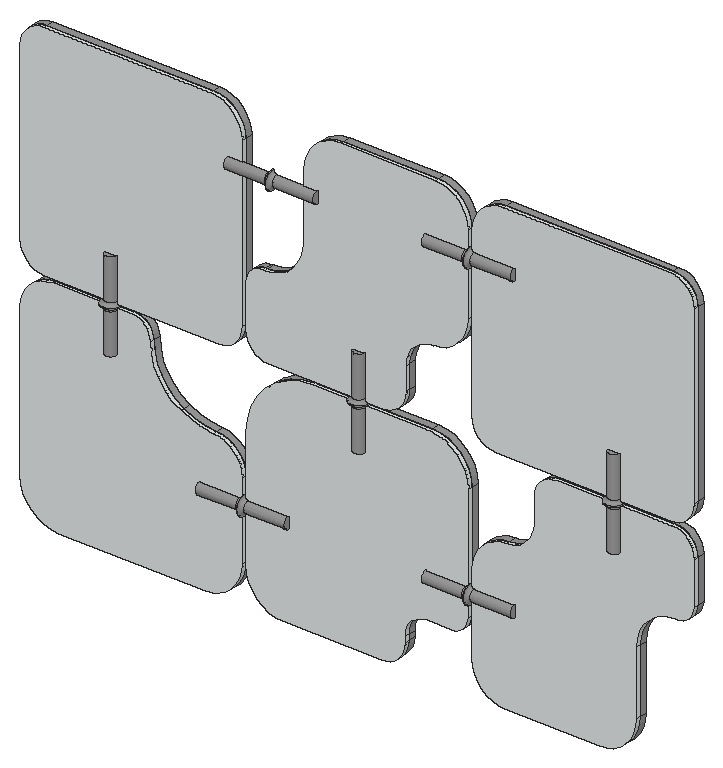
Revit family "ESPELHO BAMBU 6 MÓDULOS", category Sistema de mobiliário, Revit 2024
Family settings
  Cota do conector redondo = Utilizar diâmetro
  Tipo de parte = Normal
  Com base no plano de trabalho = Não
  Ativar corte nas vistas = Não
  Sempre na vertical = Sim
  Corte com vazios quando carregada = Não
  Compartilhado = Não
  Ponto de cálculo do ambiente = Não
Parameters
  Elevação padrão = 0.0 cm
Reference planes (cm)
  plane 1 "Centro (Frente/Trás)": y = 0
  plane 2: z = 0
  plane 3 "Centro (Esquerda/Direita)": x = 0
  plane 4: x = -22.5
  plane 5: x = 22.5
  plane 6: y = -25.5
  plane 7: y = 25.5
Forms (cm)
  Extrusion 1, solid, material "_LR. ESPELHO"
    sketch origin (0, 0, 0) x (1, 0, 0) y (0, 0, 1)
      loop
        line (41.851, 115.5437) -> (41.851, 68.5437)
        arc (41.851, 68.5437) -> (43.7548, 63.9475) -> (48.351, 62.0437) r 6.5
        line (48.351, 62.0437) -> (95.351, 62.0437)
        arc (95.351, 62.0437) -> (99.9472, 63.9475) -> (101.851, 68.5437) r 6.5
        line (101.851, 68.5437) -> (101.851, 113.5437)
        arc (101.851, 113.5437) -> (99.3614, 119.5541) -> (93.351, 122.0437) r 8.5
        line (93.351, 122.0437) -> (48.351, 122.0437)
        arc (48.351, 122.0437) -> (43.7548, 120.1399) -> (41.851, 115.5437) r 6.5
    from 0 to 1
  Extrusion 2, solid, material ".LR_MADEIRA NOGUEIRA THAY"
    sketch origin (0, 2, 0) x (1, 0, 0) y (0, 0, 1)
      loop
        line (41.851, 115.5437) -> (41.851, 68.5437)
        arc (41.851, 68.5437) -> (43.7548, 63.9475) -> (48.351, 62.0437) r 6.5
        line (48.351, 62.0437) -> (95.351, 62.0437)
        arc (95.351, 62.0437) -> (99.9472, 63.9475) -> (101.851, 68.5437) r 6.5
        line (101.851, 68.5437) -> (101.851, 113.5437)
        arc (101.851, 113.5437) -> (99.3614, 119.5541) -> (93.351, 122.0437) r 8.5
        line (93.351, 122.0437) -> (48.351, 122.0437)
        arc (48.351, 122.0437) -> (43.7548, 120.1399) -> (41.851, 115.5437) r 6.5
    from 0 to 2
  Extrusion 3, solid, material "_LR. ESPELHO"
    sketch origin (0, 0, 0) x (1, 0, 0) y (0, 0, 1)
      loop
        arc (128.3803, 122.115) -> (121.3086, 119.1858) -> (118.3794, 112.1141) r 10.0009
        line (118.3794, 112.1141) -> (118.3794, 94.625)
        arc (118.3794, 94.625) -> (115.303, 87.198) -> (107.8761, 84.1217) r 10.5033
        line (107.8761, 84.1217) -> (107.3606, 84.1217)
        arc (107.3606, 84.1217) -> (104.1718, 82.8008) -> (102.851, 79.612) r 4.5097
        line (102.851, 79.612) -> (102.851, 68.0577)
        arc (102.851, 68.0577) -> (104.625, 63.7749) -> (108.9078, 62.0009) r 6.0568
        line (108.9078, 62.0009) -> (139.8619, 62.0009)
        arc (139.8619, 62.0009) -> (144.2653, 63.8248) -> (146.0892, 68.2283) r 6.2274
        line (146.0892, 68.2283) -> (146.0892, 74.5696)
        arc (146.0892, 74.5696) -> (148.2725, 79.8405) -> (153.5434, 82.0237) r 7.4542
        line (153.5434, 82.0237) -> (153.1782, 82.0237)
        arc (153.1782, 82.0237) -> (160.038, 84.8652) -> (162.8794, 91.7249) r 9.7012
        line (162.8794, 91.7249) -> (162.8794, 113.2627)
        arc (162.8794, 113.2627) -> (160.2866, 119.5222) -> (154.0271, 122.115) r 8.8523
        line (154.0271, 122.115) -> (128.3803, 122.115)
    from 0 to 1
  Extrusion 4, solid, material "_LR. ESPELHO"
    sketch origin (0, 0, 0) x (1, 0, 0) y (0, 0, 1)
      loop
        line (52.351, 1.0437) -> (91.851, 1.0437)
        arc (91.851, 1.0437) -> (98.922, 3.9727) -> (101.851, 11.0437) r 10
        line (101.851, 11.0437) -> (101.851, 31.8886)
        arc (101.851, 31.8886) -> (99.6209, 37.4301) -> (94.174, 39.8821) r 8
        arc (94.174, 39.8821) -> (89.5349, 40.6078) -> (85.1828, 42.3704) r 20.4954
        arc (85.1828, 42.3704) -> (79.2425, 48.0965) -> (77.0507, 56.0508) r 15.6107
        arc (77.0507, 56.0508) -> (75.5837, 59.5818) -> (72.0507, 61.0437) r 5
        line (72.0507, 61.0437) -> (50.851, 61.0437)
        arc (50.851, 61.0437) -> (44.487, 58.4077) -> (41.851, 52.0437) r 9
        line (41.851, 52.0437) -> (41.851, 11.5437)
        arc (41.851, 11.5437) -> (44.9263, 4.1191) -> (52.351, 1.0437) r 10.5
    from 0 to 1
  Extrusion 5, solid, material ".LR_MADEIRA NOGUEIRA THAY"
    sketch origin (0, 1, 0) x (1, 0, 0) y (0, 0, 1)
      loop
        arc (128.3803, 122.115) -> (121.3086, 119.1858) -> (118.3794, 112.1141) r 10.0009
        line (118.3794, 112.1141) -> (118.3794, 94.625)
        arc (118.3794, 94.625) -> (115.303, 87.198) -> (107.8761, 84.1217) r 10.5033
        line (107.8761, 84.1217) -> (107.3606, 84.1217)
        arc (107.3606, 84.1217) -> (104.1718, 82.8008) -> (102.851, 79.612) r 4.5097
        line (102.851, 79.612) -> (102.851, 68.0577)
        arc (102.851, 68.0577) -> (104.625, 63.7749) -> (108.9078, 62.0009) r 6.0568
        line (108.9078, 62.0009) -> (139.8619, 62.0009)
        arc (139.8619, 62.0009) -> (144.2653, 63.8248) -> (146.0892, 68.2283) r 6.2274
        line (146.0892, 68.2283) -> (146.0892, 74.5696)
        arc (146.0892, 74.5696) -> (148.2725, 79.8405) -> (153.5434, 82.0237) r 7.4542
        line (153.5434, 82.0237) -> (153.1782, 82.0237)
        arc (153.1782, 82.0237) -> (160.038, 84.8652) -> (162.8794, 91.7249) r 9.7012
        line (162.8794, 91.7249) -> (162.8794, 113.2627)
        arc (162.8794, 113.2627) -> (160.2866, 119.5222) -> (154.0271, 122.115) r 8.8523
        line (154.0271, 122.115) -> (128.3803, 122.115)
    from -1 to 1
  Extrusion 6, solid, material ".LR_MADEIRA NOGUEIRA THAY"
    sketch origin (0, 1, 0) x (1, 0, 0) y (0, 0, 1)
      loop
        line (52.351, 1.0437) -> (91.851, 1.0437)
        arc (91.851, 1.0437) -> (98.922, 3.9727) -> (101.851, 11.0437) r 10
        line (101.851, 11.0437) -> (101.851, 31.8886)
        arc (101.851, 31.8886) -> (99.6209, 37.4301) -> (94.174, 39.8821) r 8
        arc (94.174, 39.8821) -> (89.5349, 40.6078) -> (85.1828, 42.3704) r 20.4954
        arc (85.1828, 42.3704) -> (79.2425, 48.0965) -> (77.0507, 56.0508) r 15.6107
        arc (77.0507, 56.0508) -> (75.5837, 59.5818) -> (72.0507, 61.0437) r 5
        line (72.0507, 61.0437) -> (50.851, 61.0437)
        arc (50.851, 61.0437) -> (44.487, 58.4077) -> (41.851, 52.0437) r 9
        line (41.851, 52.0437) -> (41.851, 11.5437)
        arc (41.851, 11.5437) -> (44.9263, 4.1191) -> (52.351, 1.0437) r 10.5
    from -1 to 1
  Extrusion 7, solid, material "_LR. ESPELHO"
    sketch origin (0, -1, 0) x (1, 0, 0) y (0, 0, 1)
      loop
        arc (139.351, 1.0437) -> (143.9472, 2.9475) -> (145.851, 7.5437) r 6.5
        line (145.851, 7.5437) -> (145.851, 9.0437)
        arc (145.851, 9.0437) -> (147.6083, 13.2864) -> (151.851, 15.0437) r 6
        line (151.851, 15.0437) -> (158.351, 15.0437)
        arc (158.351, 15.0437) -> (161.5329, 16.3618) -> (162.851, 19.5437) r 4.5
        line (162.851, 19.5437) -> (162.851, 50.5437)
        arc (162.851, 50.5437) -> (159.7756, 57.9684) -> (152.351, 61.0437) r 10.5
        line (152.351, 61.0437) -> (120.851, 61.0437)
        arc (120.851, 61.0437) -> (108.123, 55.7717) -> (102.851, 43.0437) r 18
        line (102.851, 43.0437) -> (102.851, 11.0437)
        arc (102.851, 11.0437) -> (105.7799, 3.9727) -> (112.851, 1.0437) r 10
        line (112.851, 1.0437) -> (139.351, 1.0437)
    from -1 to 0
  Extrusion 8, solid, material ".LR_MADEIRA NOGUEIRA THAY"
    sketch origin (0, 0, 0) x (1, 0, 0) y (0, 0, 1)
      loop
        arc (139.351, 1.0437) -> (143.9472, 2.9475) -> (145.851, 7.5437) r 6.5
        line (145.851, 7.5437) -> (145.851, 9.0437)
        arc (145.851, 9.0437) -> (147.6083, 13.2864) -> (151.851, 15.0437) r 6
        line (151.851, 15.0437) -> (158.351, 15.0437)
        arc (158.351, 15.0437) -> (161.5329, 16.3618) -> (162.851, 19.5437) r 4.5
        line (162.851, 19.5437) -> (162.851, 50.5437)
        arc (162.851, 50.5437) -> (159.7756, 57.9684) -> (152.351, 61.0437) r 10.5
        line (152.351, 61.0437) -> (120.851, 61.0437)
        arc (120.851, 61.0437) -> (108.123, 55.7717) -> (102.851, 43.0437) r 18
        line (102.851, 43.0437) -> (102.851, 11.0437)
        arc (102.851, 11.0437) -> (105.7799, 3.9727) -> (112.851, 1.0437) r 10
        line (112.851, 1.0437) -> (139.351, 1.0437)
    from -2 to 0
  Revolve 9, solid, material ".LR_MADEIRA NOGUEIRA THAY"
    sketch origin (41.8226, -1, 122.0993) x (-1, 0, 0) y (0, 0, -1)
      loop
        line (-24.4991, 48.5) -> (-22.9991, 48.5) -> (-22.9991, 59.3975)
        arc (-22.9991, 59.3975) -> (-22.7062, 60.1046) -> (-21.9991, 60.3975) r 1
        line (-21.9991, 60.3975) -> (-21.9991, 60.6025)
        arc (-21.9991, 60.6025) -> (-22.7062, 60.8954) -> (-22.9991, 61.6025) r 1
        line (-22.9991, 61.6025) -> (-22.9991, 72.5) -> (-24.4991, 72.5) -> (-24.4991, 48.5)
      axis (-24.4991, 48.5) -> (-24.4991, 72.5)
    angle from 0 to 360
  Revolve 10, solid, material ".LR_MADEIRA NOGUEIRA THAY"
    sketch origin (49.5766, -1, 82.355) x (0, 0, -1) y (1, 0, 0)
      loop
        line (-24.4991, 48.5) -> (-22.9991, 48.5) -> (-22.9991, 59.3975)
        arc (-22.9991, 59.3975) -> (-22.7062, 60.1046) -> (-21.9991, 60.3975) r 1
        line (-21.9991, 60.3975) -> (-21.9991, 60.6025)
        arc (-21.9991, 60.6025) -> (-22.7062, 60.8954) -> (-22.9991, 61.6025) r 1
        line (-22.9991, 61.6025) -> (-22.9991, 72.5) -> (-24.4991, 72.5) -> (-24.4991, 48.5)
      axis (-24.4991, 48.5) -> (-24.4991, 72.5)
    angle from 0 to 360
  Revolve 11, solid, material ".LR_MADEIRA NOGUEIRA THAY"
    sketch origin (108.8226, -1, 122.0993) x (-1, 0, 0) y (0, 0, -1)
      loop
        line (-24.4991, 48.5) -> (-22.9991, 48.5) -> (-22.9991, 59.3975)
        arc (-22.9991, 59.3975) -> (-22.7062, 60.1046) -> (-21.9991, 60.3975) r 1
        line (-21.9991, 60.3975) -> (-21.9991, 60.6025)
        arc (-21.9991, 60.6025) -> (-22.7062, 60.8954) -> (-22.9991, 61.6025) r 1
        line (-22.9991, 61.6025) -> (-22.9991, 72.5) -> (-24.4991, 72.5) -> (-24.4991, 48.5)
      axis (-24.4991, 48.5) -> (-24.4991, 72.5)
    angle from 0 to 360
  Revolve 12, solid, material ".LR_MADEIRA NOGUEIRA THAY"
    sketch origin (42.5205, -1, 0.9108) x (0, 0, -1) y (1, 0, 0)
      loop
        line (-24.4991, 47.8125) -> (-22.9991, 47.8125) -> (-22.9991, 58.71)
        arc (-22.9991, 58.71) -> (-22.7062, 59.4171) -> (-21.9991, 59.71) r 1
        line (-21.9991, 59.71) -> (-21.9991, 59.915)
        arc (-21.9991, 59.915) -> (-22.7062, 60.2079) -> (-22.9991, 60.915) r 1
        line (-22.9991, 60.915) -> (-22.9991, 71.8125) -> (-24.4991, 71.8125) -> (-24.4991, 47.8125)
      axis (-24.4991, 47.8125) -> (-24.4991, 71.8125)
    angle from 0 to 360
  Extrusion 13, void
    sketch origin (41.851, 2, 126.0868) x (0, 0, 1) y (0, -1, 0)
      loop
        line (0, 3) -> (-121, 3) -> (-121, 0) -> (0, 0) -> (0, 3)
    from 0 to 185.5721
  Extrusion 14, solid, material "_LR. ESPELHO"
    sketch origin (265.7304, 0, 0) x (-1, 0, 0) y (0, 0, -1)
      loop
        arc (41.851, -115.5437) -> (43.7548, -120.1399) -> (48.351, -122.0437) r 6.5
        line (48.351, -122.0437) -> (93.351, -122.0437)
        arc (93.351, -122.0437) -> (99.3614, -119.5541) -> (101.851, -113.5437) r 8.5
        line (101.851, -113.5437) -> (101.851, -68.5437)
        arc (101.851, -68.5437) -> (99.9472, -63.9475) -> (95.351, -62.0437) r 6.5
        line (95.351, -62.0437) -> (48.351, -62.0437)
        arc (48.351, -62.0437) -> (43.7548, -63.9475) -> (41.851, -68.5437) r 6.5
        line (41.851, -68.5437) -> (41.851, -115.5437)
    from 0 to 1
  Extrusion 15, solid, material ".LR_MADEIRA NOGUEIRA THAY"
    sketch origin (265.7304, 2, 0) x (-1, 0, 0) y (0, 0, -1)
      loop
        arc (41.851, -115.5437) -> (43.7548, -120.1399) -> (48.351, -122.0437) r 6.5
        line (48.351, -122.0437) -> (93.351, -122.0437)
        arc (93.351, -122.0437) -> (99.3614, -119.5541) -> (101.851, -113.5437) r 8.5
        line (101.851, -113.5437) -> (101.851, -68.5437)
        arc (101.851, -68.5437) -> (99.9472, -63.9475) -> (95.351, -62.0437) r 6.5
        line (95.351, -62.0437) -> (48.351, -62.0437)
        arc (48.351, -62.0437) -> (43.7548, -63.9475) -> (41.851, -68.5437) r 6.5
        line (41.851, -68.5437) -> (41.851, -115.5437)
    from 0 to 2
  Extrusion 16, solid, material "_LR. ESPELHO"
    sketch origin (61, 0, -61.0713) x (1, 0, 0) y (0, 0, 1)
      loop
        arc (137.3501, 62.0009) -> (144.4218, 64.9301) -> (147.351, 72.0018) r 10.0009
        line (147.351, 72.0018) -> (147.351, 89.4909)
        arc (147.351, 89.4909) -> (150.4273, 96.9179) -> (157.8543, 99.9942) r 10.5033
        line (157.8543, 99.9942) -> (158.3697, 99.9942)
        arc (158.3697, 99.9942) -> (161.5585, 101.3151) -> (162.8794, 104.5039) r 4.5097
        line (162.8794, 104.5039) -> (162.8794, 116.0582)
        arc (162.8794, 116.0582) -> (161.1054, 120.341) -> (156.8225, 122.115) r 6.0568
        line (156.8225, 122.115) -> (125.8685, 122.115)
        arc (125.8685, 122.115) -> (121.4651, 120.291) -> (119.6411, 115.8876) r 6.2274
        line (119.6411, 115.8876) -> (119.6411, 109.5463)
        arc (119.6411, 109.5463) -> (117.4578, 104.2754) -> (112.1869, 102.0921) r 7.4542
        line (112.1869, 102.0921) -> (112.5522, 102.0921)
        arc (112.5522, 102.0921) -> (105.6924, 99.2507) -> (102.851, 92.3909) r 9.7012
        line (102.851, 92.3909) -> (102.851, 70.8532)
        arc (102.851, 70.8532) -> (105.4437, 64.5937) -> (111.7032, 62.0009) r 8.8523
        line (111.7032, 62.0009) -> (137.3501, 62.0009)
    from 0 to 1
  Revolve 17, solid, material ".LR_MADEIRA NOGUEIRA THAY"
    sketch origin (102.891, -1, 0.9108) x (0, 0, -1) y (1, 0, 0)
      loop
        line (-24.4991, 48.5) -> (-22.9991, 48.5) -> (-22.9991, 59.3975)
        arc (-22.9991, 59.3975) -> (-22.7062, 60.1046) -> (-21.9991, 60.3975) r 1
        line (-21.9991, 60.3975) -> (-21.9991, 60.6025)
        arc (-21.9991, 60.6025) -> (-22.7062, 60.8954) -> (-22.9991, 61.6025) r 1
        line (-22.9991, 61.6025) -> (-22.9991, 72.5) -> (-24.4991, 72.5) -> (-24.4991, 48.5)
      axis (-24.4991, 48.5) -> (-24.4991, 72.5)
    angle from 0 to 360
  Revolve 18, solid, material ".LR_MADEIRA NOGUEIRA THAY"
    sketch origin (177.7231, -1, 122.0055) x (-1, 0, 0) y (0, 0, -1)
      loop
        line (-24.4991, 48.5) -> (-22.9991, 48.5) -> (-22.9991, 59.3975)
        arc (-22.9991, 59.3975) -> (-22.7062, 60.1046) -> (-21.9991, 60.3975) r 1
        line (-21.9991, 60.3975) -> (-21.9991, 60.6025)
        arc (-21.9991, 60.6025) -> (-22.7062, 60.8954) -> (-22.9991, 61.6025) r 1
        line (-22.9991, 61.6025) -> (-22.9991, 72.5) -> (-24.4991, 72.5) -> (-24.4991, 48.5)
      axis (-24.4991, 48.5) -> (-24.4991, 72.5)
    angle from 0 to 360
  Extrusion 19, solid, material ".LR_MADEIRA NOGUEIRA THAY"
    sketch origin (66.3711, 0, 0) x (1, 0, 0) y (0, 0, 1)
      loop
        line (151.4515, 61.0437) -> (120.4974, 61.0437)
        arc (120.4974, 61.0437) -> (116.094, 59.2198) -> (114.27, 54.8164) r 6.2274
        line (114.27, 54.8164) -> (114.27, 48.4751)
        arc (114.27, 48.4751) -> (112.0847, 43.1991) -> (106.8087, 41.0137) r 7.4613
        arc (106.8087, 41.0137) -> (100.2122, 38.2814) -> (97.4799, 31.6849) r 9.3288
        line (97.4799, 31.6849) -> (97.4799, 9.7819)
        arc (97.4799, 9.7819) -> (100.0727, 3.5224) -> (106.3321, 0.9296) r 8.8523
        line (106.3321, 0.9296) -> (131.979, 0.9296)
        arc (131.979, 0.9296) -> (139.0507, 3.8588) -> (141.9799, 10.9305) r 10.0009
        line (141.9799, 10.9305) -> (141.9799, 28.4196)
        arc (141.9799, 28.4196) -> (145.0562, 35.8466) -> (152.4832, 38.9229) r 10.5033
        arc (152.4832, 38.9229) -> (156.0019, 40.0566) -> (157.5083, 43.4326) r 4.5361
        line (157.5083, 43.4326) -> (157.5083, 54.9869)
        arc (157.5083, 54.9869) -> (155.7343, 59.2697) -> (151.4515, 61.0437) r 6.0568
    from -2 to 0
  Revolve 20, solid, material ".LR_MADEIRA NOGUEIRA THAY"
    sketch origin (102.8891, -1, 82.355) x (0, 0, -1) y (1, 0, 0)
      loop
        line (-24.4991, 48.5) -> (-22.9991, 48.5) -> (-22.9991, 59.3975)
        arc (-22.9991, 59.3975) -> (-22.7062, 60.1046) -> (-21.9991, 60.3975) r 1
        line (-21.9991, 60.3975) -> (-21.9991, 60.6025)
        arc (-21.9991, 60.6025) -> (-22.7062, 60.8954) -> (-22.9991, 61.6025) r 1
        line (-22.9991, 61.6025) -> (-22.9991, 72.5) -> (-24.4991, 72.5) -> (-24.4991, 48.5)
      axis (-24.4991, 48.5) -> (-24.4991, 72.5)
    angle from 0 to 360
Cuts and joins
  Extrusion 13 cuts Revolve 9
  Extrusion 13 cuts Revolve 10
  Extrusion 13 cuts Revolve 12
  Extrusion 13 cuts Revolve 11
  Extrusion 13 cuts Revolve 18
  Extrusion 13 cuts Revolve 17
  Extrusion 13 cuts Revolve 20
Dimensions and locks (cm)
  equal spacing: plane 6, plane 1 "Centro (Frente/Trás)", plane 7
  equal spacing: plane 4, plane 3 "Centro (Esquerda/Direita)", plane 5
  aligned and locked: level to plane 2
Automatic sketch dimensions
  plane 5 to Extrusion 1 sketch curve = 19.351 cm
  Extrusion 1 sketch curve to Extrusion 1 sketch curve = 6.5 cm  (x2)
  Extrusion 1 sketch curve to Extrusion 1 sketch curve = 45.0 cm  (x2)
  Extrusion 1 sketch curve to Extrusion 1 sketch curve = 47.0 cm
  Extrusion 1 sketch curve to Extrusion 1 sketch curve = 8.5 cm
  level to Extrusion 1 sketch curve = 62.0437 cm
  plane 5 to Extrusion 2 sketch curve = 19.351 cm
  Extrusion 2 sketch curve to Extrusion 2 sketch curve = 6.5 cm  (x2)
  Extrusion 2 sketch curve to Extrusion 2 sketch curve = 45.0 cm  (x2)
  Extrusion 2 sketch curve to Extrusion 2 sketch curve = 47.0 cm
  Extrusion 2 sketch curve to Extrusion 2 sketch curve = 8.5 cm
  level to Extrusion 2 sketch curve = 62.0437 cm
  plane 5 to Extrusion 3 sketch curve = 80.351 cm
  Extrusion 3 sketch curve to Extrusion 3 sketch curve = 4.5097 cm
  Extrusion 3 sketch curve to Extrusion 3 sketch curve = 0.5155 cm
  Extrusion 3 sketch curve to Extrusion 3 sketch curve = 6.0568 cm
  Extrusion 3 sketch curve to Extrusion 3 sketch curve = 10.5033 cm
  Extrusion 3 sketch curve to Extrusion 3 sketch curve = 10.0009 cm
  Extrusion 3 sketch curve to Extrusion 3 sketch curve = 30.9541 cm
  Extrusion 3 sketch curve to Extrusion 3 sketch curve = 6.2274 cm
  Extrusion 3 sketch curve to Extrusion 3 sketch curve = 7.0889 cm
  Extrusion 3 sketch curve to Extrusion 3 sketch curve = 7.4542 cm
  Extrusion 3 sketch curve to Extrusion 3 sketch curve = 0.8489 cm
  Extrusion 3 sketch curve to Extrusion 3 sketch curve = 8.8523 cm
  level to Extrusion 3 sketch curve = 62.0009 cm
  Extrusion 3 sketch curve to Extrusion 3 sketch curve = 6.3413 cm
  Extrusion 3 sketch curve to Extrusion 3 sketch curve = 11.5543 cm
  Extrusion 3 sketch curve to Extrusion 3 sketch curve = 17.4891 cm
  plane 5 to Extrusion 4 sketch curve = 19.351 cm
  Extrusion 4 sketch curve to Extrusion 4 sketch curve = 9.0 cm
  Extrusion 4 sketch curve to Extrusion 4 sketch curve = 10.5 cm
  Extrusion 4 sketch curve to Extrusion 4 sketch curve = 21.1998 cm
  level to Extrusion 4 sketch curve = 1.0437 cm
  Extrusion 4 sketch curve to Extrusion 4 sketch curve = 39.5 cm
  Extrusion 4 sketch curve to Extrusion 4 sketch curve = 20.6106 cm
  Extrusion 4 sketch curve to Extrusion 4 sketch curve = 2.0 cm
  Extrusion 4 sketch curve to Extrusion 4 sketch curve = 2.3402 cm
  Extrusion 4 sketch curve to Extrusion 4 sketch curve = 10.0 cm
  Extrusion 4 sketch curve to Extrusion 4 sketch curve = 20.8448 cm
  Extrusion 4 sketch curve to Extrusion 4 sketch curve = 40.5 cm
  Extrusion 4 sketch curve to Extrusion 4 sketch curve = 5.0 cm
  Extrusion 4 sketch curve to Extrusion 4 sketch curve = 0.0293 cm
  Extrusion 4 sketch curve to Extrusion 4 sketch curve = 4.2877 cm
  Extrusion 4 sketch curve to Extrusion 4 sketch curve = 0.0 cm  (x2)
  plane 5 to Extrusion 5 sketch curve = 80.351 cm
  Extrusion 5 sketch curve to Extrusion 5 sketch curve = 4.5097 cm
  Extrusion 5 sketch curve to Extrusion 5 sketch curve = 0.5155 cm
  Extrusion 5 sketch curve to Extrusion 5 sketch curve = 6.0568 cm
  Extrusion 5 sketch curve to Extrusion 5 sketch curve = 10.5033 cm
  Extrusion 5 sketch curve to Extrusion 5 sketch curve = 10.0009 cm
  Extrusion 5 sketch curve to Extrusion 5 sketch curve = 30.9541 cm
  Extrusion 5 sketch curve to Extrusion 5 sketch curve = 6.2274 cm
  Extrusion 5 sketch curve to Extrusion 5 sketch curve = 7.0889 cm
  Extrusion 5 sketch curve to Extrusion 5 sketch curve = 7.4542 cm
  Extrusion 5 sketch curve to Extrusion 5 sketch curve = 0.8489 cm
  Extrusion 5 sketch curve to Extrusion 5 sketch curve = 8.8523 cm
  level to Extrusion 5 sketch curve = 62.0009 cm
  Extrusion 5 sketch curve to Extrusion 5 sketch curve = 6.3413 cm
  Extrusion 5 sketch curve to Extrusion 5 sketch curve = 11.5543 cm
  Extrusion 5 sketch curve to Extrusion 5 sketch curve = 17.4891 cm
  plane 5 to Extrusion 6 sketch curve = 19.351 cm
  Extrusion 6 sketch curve to Extrusion 6 sketch curve = 9.0 cm
  Extrusion 6 sketch curve to Extrusion 6 sketch curve = 10.5 cm
  Extrusion 6 sketch curve to Extrusion 6 sketch curve = 21.1998 cm
  level to Extrusion 6 sketch curve = 1.0437 cm
  Extrusion 6 sketch curve to Extrusion 6 sketch curve = 39.5 cm
  Extrusion 6 sketch curve to Extrusion 6 sketch curve = 20.6106 cm
  Extrusion 6 sketch curve to Extrusion 6 sketch curve = 2.0 cm
  Extrusion 6 sketch curve to Extrusion 6 sketch curve = 2.3402 cm
  Extrusion 6 sketch curve to Extrusion 6 sketch curve = 10.0 cm
  Extrusion 6 sketch curve to Extrusion 6 sketch curve = 20.8448 cm
  Extrusion 6 sketch curve to Extrusion 6 sketch curve = 40.5 cm
  Extrusion 6 sketch curve to Extrusion 6 sketch curve = 5.0 cm
  Extrusion 6 sketch curve to Extrusion 6 sketch curve = 0.0293 cm
  Extrusion 6 sketch curve to Extrusion 6 sketch curve = 4.2877 cm
  Extrusion 6 sketch curve to Extrusion 6 sketch curve = 0.0 cm  (x2)
  Extrusion 3 to Extrusion 7 sketch curve = 0.0 cm
  Extrusion 3 to Extrusion 7 sketch curve = 5.5284 cm
  Extrusion 7 sketch curve to Extrusion 3 = 2.4716 cm
  Extrusion 7 sketch curve to Extrusion 3 = 6.7383 cm
  Extrusion 7 sketch curve to Extrusion 3 = 0.2383 cm
  Extrusion 3 to Extrusion 7 sketch curve = 5.7617 cm
  Extrusion 3 to Extrusion 7 sketch curve = 6.2617 cm
  Extrusion 7 sketch curve to Extrusion 3 = 4.5284 cm
  Extrusion 7 sketch curve to Extrusion 3 = 0.0284 cm
  Extrusion 3 to Extrusion 7 sketch curve = 60.9572 cm
  Extrusion 7 sketch curve to Extrusion 7 sketch curve = 1.5 cm
  Extrusion 3 to Extrusion 7 sketch curve = 18.9572 cm
  level to Extrusion 8 sketch curve = 11.0437 cm
  plane 5 to Extrusion 8 sketch curve = 80.351 cm
  level to Extrusion 8 sketch curve = 1.0437 cm
  Extrusion 8 sketch curve to Extrusion 8 sketch curve = 18.0 cm
  Extrusion 8 sketch curve to Extrusion 8 sketch curve = 26.5 cm
  Extrusion 8 sketch curve to Extrusion 8 sketch curve = 6.5 cm  (x2)
  Extrusion 8 sketch curve to Extrusion 8 sketch curve = 6.0 cm
  Extrusion 8 sketch curve to Extrusion 8 sketch curve = 31.5 cm
  Extrusion 8 sketch curve to Extrusion 8 sketch curve = 10.5 cm
  Extrusion 8 sketch curve to Extrusion 8 sketch curve = 1.5 cm
  Extrusion 8 sketch curve to Extrusion 8 sketch curve = 32.0 cm
  plane 5 to Revolve 9 sketch curve = 43.8217 cm
  Revolve 9 sketch curve to Revolve 9 sketch curve = 1.5 cm  (x2)
  Revolve 9 sketch curve to Revolve 9 sketch curve = 1.0 cm
  level to Revolve 9 sketch curve = 73.5993 cm
  Revolve 9 sketch curve to Revolve 9 sketch curve = 10.8975 cm  (x2)
  Revolve 9 sketch curve to Revolve 9 sketch curve = 0.205 cm
  Revolve 9 sketch curve to Revolve 9 sketch curve = 0.0 cm
  Revolve 9 sketch curve to Revolve 9 sketch curve = 2.8147 cm
  Revolve 9 sketch curve to Revolve 9 sketch curve = 2.6853 cm
  level to Revolve 10 sketch curve = 106.8541 cm
  Revolve 10 sketch curve to Revolve 10 sketch curve = 1.5 cm  (x2)
  Revolve 10 sketch curve to Revolve 10 sketch curve = 1.0 cm
  plane 5 to Revolve 10 sketch curve = 75.5766 cm
  Revolve 10 sketch curve to Revolve 10 sketch curve = 10.8975 cm  (x2)
  Revolve 10 sketch curve to Revolve 10 sketch curve = 0.205 cm
  Revolve 10 sketch curve to Revolve 10 sketch curve = 0.0 cm
  Revolve 10 sketch curve to Revolve 10 sketch curve = 2.8147 cm
  Revolve 10 sketch curve to Revolve 10 sketch curve = 0.1853 cm
  plane 5 to Revolve 11 sketch curve = 110.8217 cm
  Revolve 11 sketch curve to Revolve 11 sketch curve = 1.5 cm  (x2)
  Revolve 11 sketch curve to Revolve 11 sketch curve = 1.0 cm
  level to Revolve 11 sketch curve = 73.5993 cm
  Revolve 11 sketch curve to Revolve 11 sketch curve = 10.8975 cm  (x2)
  Revolve 11 sketch curve to Revolve 11 sketch curve = 0.205 cm
  Revolve 11 sketch curve to Revolve 11 sketch curve = 0.0 cm
  Revolve 11 sketch curve to Revolve 11 sketch curve = 2.8147 cm
  Revolve 11 sketch curve to Revolve 11 sketch curve = 2.6853 cm
  level to Revolve 12 sketch curve = 25.4099 cm
  Revolve 12 sketch curve to Revolve 12 sketch curve = 1.5 cm  (x2)
  Revolve 12 sketch curve to Revolve 12 sketch curve = 1.0 cm
  plane 5 to Revolve 12 sketch curve = 67.833 cm
  Revolve 12 sketch curve to Revolve 12 sketch curve = 10.8975 cm  (x2)
  Revolve 12 sketch curve to Revolve 12 sketch curve = 0.205 cm
  Revolve 12 sketch curve to Revolve 12 sketch curve = 0.0 cm
  Revolve 12 sketch curve to Revolve 12 sketch curve = 2.8147 cm
  Revolve 12 sketch curve to Revolve 12 sketch curve = 2.6853 cm
  Extrusion 13 sketch curve to Extrusion 2 = 0.0 cm
  Extrusion 2 to Extrusion 13 sketch curve = 1.0 cm
  Extrusion 2 to Extrusion 13 sketch curve = 63.4569 cm
  Extrusion 2 to Extrusion 13 sketch curve = 10.5431 cm
  plane 5 to Extrusion 14 sketch curve = 201.3794 cm
  Extrusion 14 sketch curve to Extrusion 14 sketch curve = 6.5 cm  (x2)
  Extrusion 14 sketch curve to Extrusion 14 sketch curve = 45.0 cm
  Extrusion 14 sketch curve to Extrusion 14 sketch curve = 47.0 cm  (x2)
  Extrusion 14 sketch curve to Extrusion 14 sketch curve = 8.5 cm
  level to Extrusion 14 sketch curve = 122.0437 cm
  plane 5 to Extrusion 15 sketch curve = 201.3794 cm
  Extrusion 15 sketch curve to Extrusion 15 sketch curve = 6.5 cm  (x2)
  Extrusion 15 sketch curve to Extrusion 15 sketch curve = 45.0 cm
  Extrusion 15 sketch curve to Extrusion 15 sketch curve = 47.0 cm  (x2)
  Extrusion 15 sketch curve to Extrusion 15 sketch curve = 8.5 cm
  level to Extrusion 15 sketch curve = 122.0437 cm
  level to Extrusion 16 sketch curve = 31.3197 cm
  plane 5 to Extrusion 16 sketch curve = 141.351 cm
  level to Extrusion 16 sketch curve = 0.9296 cm
  Extrusion 16 sketch curve to Extrusion 16 sketch curve = 8.8523 cm
  Extrusion 16 sketch curve to Extrusion 16 sketch curve = 9.336 cm
  Extrusion 16 sketch curve to Extrusion 16 sketch curve = 9.7012 cm
  Extrusion 16 sketch curve to Extrusion 16 sketch curve = 7.4542 cm
  Extrusion 16 sketch curve to Extrusion 16 sketch curve = 6.2274 cm
  Extrusion 16 sketch curve to Extrusion 16 sketch curve = 25.6469 cm
  Extrusion 16 sketch curve to Extrusion 16 sketch curve = 10.0009 cm
  Extrusion 16 sketch curve to Extrusion 16 sketch curve = 9.4716 cm
  Extrusion 16 sketch curve to Extrusion 16 sketch curve = 10.5033 cm
  Extrusion 16 sketch curve to Extrusion 16 sketch curve = 0.5155 cm
  Extrusion 16 sketch curve to Extrusion 16 sketch curve = 6.0568 cm
  Extrusion 16 sketch curve to Extrusion 16 sketch curve = 17.4891 cm
  Extrusion 16 sketch curve to Extrusion 16 sketch curve = 6.3413 cm
  level to Revolve 17 sketch curve = 25.4099 cm
  Revolve 17 sketch curve to Revolve 17 sketch curve = 1.5 cm  (x2)
  Revolve 17 sketch curve to Revolve 17 sketch curve = 1.0 cm
  plane 5 to Revolve 17 sketch curve = 128.891 cm
  Revolve 17 sketch curve to Revolve 17 sketch curve = 10.8975 cm  (x2)
  Revolve 17 sketch curve to Revolve 17 sketch curve = 0.205 cm
  Revolve 17 sketch curve to Revolve 17 sketch curve = 0.0 cm
  Revolve 17 sketch curve to Revolve 17 sketch curve = 2.8147 cm
  Revolve 17 sketch curve to Revolve 17 sketch curve = 0.1853 cm
  level to Revolve 18 sketch curve = 73.5055 cm
  plane 5 to Revolve 18 sketch curve = 179.7222 cm
  Revolve 18 sketch curve to Revolve 18 sketch curve = 1.5 cm  (x2)
  Revolve 18 sketch curve to Revolve 18 sketch curve = 1.0 cm
  Revolve 18 sketch curve to Revolve 18 sketch curve = 10.8975 cm  (x2)
  Revolve 18 sketch curve to Revolve 18 sketch curve = 0.205 cm
  Revolve 18 sketch curve to Revolve 18 sketch curve = 0.0 cm
  Revolve 18 sketch curve to Revolve 18 sketch curve = 2.8147 cm
  Revolve 18 sketch curve to Revolve 18 sketch curve = 2.6853 cm
  level to Extrusion 19 sketch curve = 9.7819 cm
  plane 5 to Extrusion 19 sketch curve = 141.351 cm
  Extrusion 19 sketch curve to Extrusion 19 sketch curve = 8.8523 cm
  Extrusion 19 sketch curve to Extrusion 19 sketch curve = 9.3288 cm
  Extrusion 19 sketch curve to Extrusion 19 sketch curve = 7.4613 cm  (x2)
  Extrusion 19 sketch curve to Extrusion 19 sketch curve = 6.2274 cm
  level to Extrusion 19 sketch curve = 10.9305 cm
  Extrusion 19 sketch curve to Extrusion 19 sketch curve = 25.6469 cm
  Extrusion 19 sketch curve to Extrusion 19 sketch curve = 9.4716 cm
  Extrusion 19 sketch curve to Extrusion 19 sketch curve = 10.5033 cm
  Extrusion 19 sketch curve to Extrusion 19 sketch curve = 0.489 cm
  Extrusion 19 sketch curve to Extrusion 19 sketch curve = 4.5361 cm
  Extrusion 19 sketch curve to Extrusion 19 sketch curve = 17.4891 cm
  Extrusion 19 sketch curve to Extrusion 19 sketch curve = 21.903 cm
  Extrusion 19 sketch curve to Extrusion 19 sketch curve = 6.3413 cm
  level to Revolve 20 sketch curve = 106.8541 cm
  Revolve 20 sketch curve to Revolve 20 sketch curve = 1.5 cm  (x2)
  Revolve 20 sketch curve to Revolve 20 sketch curve = 1.0 cm
  plane 5 to Revolve 20 sketch curve = 128.8891 cm
  Revolve 20 sketch curve to Revolve 20 sketch curve = 10.8975 cm  (x2)
  Revolve 20 sketch curve to Revolve 20 sketch curve = 0.205 cm
  Revolve 20 sketch curve to Revolve 20 sketch curve = 0.0 cm
  Revolve 20 sketch curve to Revolve 20 sketch curve = 2.8147 cm
  Revolve 20 sketch curve to Revolve 20 sketch curve = 0.1853 cm
